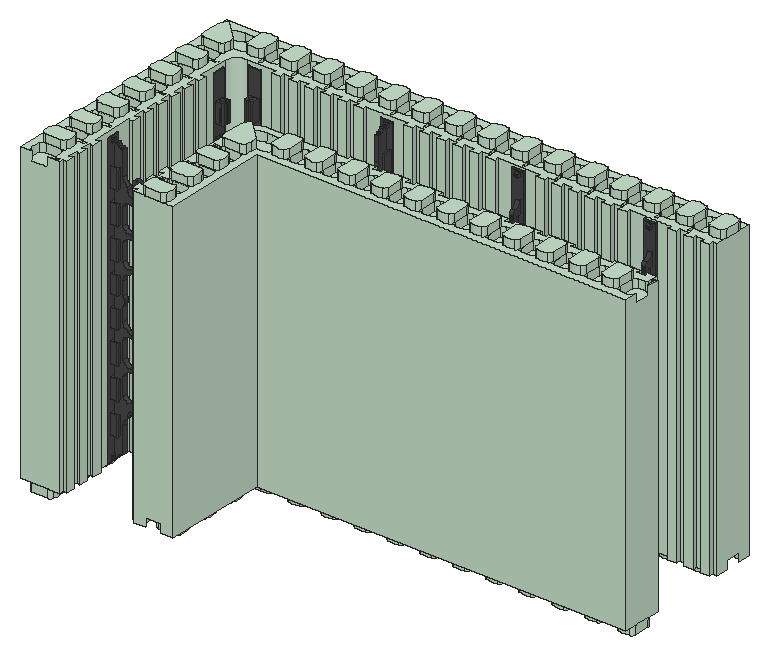
Revit family (continued)
Definition of nested family "4-inch Web"
  Forms (mm)
    Extrusion 1, solid, material "Polypropylene"
      sketch origin (0, -50.8, -12.7) x (0, 1, 0) y (0, 0, 1)
        loop
          arc (7.874, 321.657) -> (7.409, 322.78) -> (6.287, 323.245) r 1.588
          line (6.287, 323.245) -> (5.08, 323.245) -> (5.08, 325.024) -> (7.761, 325.024)
          arc (7.761, 325.024) -> (12.864, 324.793) -> (17.819, 323.545) r 25.4
          arc (17.819, 323.545) -> (20.094, 324.015) -> (20.782, 326.235) r 2.286
          arc (20.782, 326.235) -> (31.891, 334.895) -> (31.198, 320.827) r 7.747
          arc (31.198, 320.827) -> (28.086, 313.563) -> (35.35, 310.451) r 5.588
          arc (35.35, 310.451) -> (41.403, 314.347) -> (45.563, 320.223) r 18.923
          arc (45.563, 320.223) -> (47.683, 322.701) -> (50.8, 323.658) r 5.842
          arc (50.8, 323.658) -> (53.917, 322.701) -> (56.037, 320.223) r 5.842
          arc (56.037, 320.223) -> (60.197, 314.347) -> (66.25, 310.451) r 18.923
          arc (66.25, 310.451) -> (73.514, 313.563) -> (70.402, 320.827) r 5.588
          arc (70.402, 320.827) -> (69.709, 334.895) -> (80.818, 326.235) r 7.747
          arc (80.818, 326.235) -> (81.506, 324.015) -> (83.781, 323.545) r 2.286
          arc (83.781, 323.545) -> (88.736, 324.793) -> (93.839, 325.024) r 25.4
          line (93.839, 325.024) -> (96.52, 325.024) -> (96.52, 323.245) -> (95.313, 323.245)
          arc (95.313, 323.245) -> (94.191, 322.78) -> (93.726, 321.657) r 1.588
          line (93.726, 321.657) -> (93.726, 319.943)
          arc (93.726, 319.943) -> (94.891, 316.277) -> (97.959, 313.956) r 6.35
          arc (97.959, 313.956) -> (101.245, 312.217) -> (103.886, 309.602) r 12.7
          line (103.886, 309.602) -> (106.299, 309.602) -> (106.299, 324.832)
          arc (106.299, 324.832) -> (105.834, 323.71) -> (104.712, 323.245) r 1.588
          line (104.712, 323.245) -> (98.806, 323.245) -> (98.806, 325.024) -> (101.473, 325.024) -> (101.473, 337.723) -> (98.806, 337.723) -> (98.806, 339.501) -> (104.712, 339.501)
          arc (104.712, 339.501) -> (105.834, 339.036) -> (106.299, 337.913) r 1.587
          line (106.299, 337.913) -> (106.299, 357.852)
          arc (106.299, 357.852) -> (105.834, 356.73) -> (104.712, 356.265) r 1.587
          line (104.712, 356.265) -> (98.806, 356.265) -> (98.806, 358.043) -> (101.473, 358.043) -> (101.473, 370.743) -> (98.806, 370.743) -> (98.806, 372.521) -> (104.712, 372.521)
          arc (104.712, 372.521) -> (105.834, 372.056) -> (106.299, 370.933) r 1.587
          line (106.299, 370.933) -> (106.299, 390.872)
          arc (106.299, 390.872) -> (105.834, 389.75) -> (104.712, 389.285) r 1.587
          line (104.712, 389.285) -> (98.806, 389.285) -> (98.806, 391.063) -> (101.473, 391.063)
        loop
          line (93.853, 370.743) -> (96.52, 370.743) -> (96.52, 372.521) -> (95.313, 372.521)
          arc (95.313, 372.521) -> (94.191, 372.986) -> (93.726, 374.108) r 1.588
          line (93.726, 374.108) -> (93.726, 387.697)
          arc (93.726, 387.697) -> (94.191, 388.82) -> (95.313, 389.285) r 1.588
          line (95.313, 389.285) -> (96.52, 389.285) -> (96.52, 391.063) -> (93.853, 391.063)
          arc (93.853, 391.063) -> (82.25, 388.394) -> (71.166, 384.049) r 80.787
          line (71.166, 384.049) -> (58.568, 377.745)
          arc (58.568, 377.745) -> (55.497, 371.178) -> (61.183, 366.679) r 5.842
          line (61.183, 366.679) -> (75.826, 366.679)
          arc (75.826, 366.679) -> (83.687, 367.598) -> (91.221, 370.023) r 40.64
          arc (91.221, 370.023) -> (92.492, 370.547) -> (93.853, 370.743) r 5.556
        loop
          line (93.853, 337.723) -> (96.52, 337.723) -> (96.52, 339.501) -> (95.313, 339.501)
          arc (95.313, 339.501) -> (94.191, 339.966) -> (93.726, 341.088) r 1.588
          line (93.726, 341.088) -> (93.726, 354.677)
          arc (93.726, 354.677) -> (94.191, 355.8) -> (95.313, 356.265) r 1.588
          line (95.313, 356.265) -> (96.52, 356.265) -> (96.52, 358.043) -> (93.853, 358.043)
          arc (93.853, 358.043) -> (92.492, 358.239) -> (91.221, 358.762) r 5.556
          arc (91.221, 358.762) -> (83.687, 361.188) -> (75.826, 362.107) r 40.64
          line (75.826, 362.107) -> (61.183, 362.107)
          arc (61.183, 362.107) -> (55.497, 357.608) -> (58.568, 351.04) r 5.842
          line (58.568, 351.04) -> (71.166, 344.737)
          arc (71.166, 344.737) -> (82.25, 340.392) -> (93.853, 337.723) r 80.787
        loop
          line (106.299, 457.58) -> (106.299, 463.9)
          arc (106.299, 463.9) -> (106.194, 463.513) -> (105.907, 463.233) r 0.762
          line (105.907, 463.233) -> (101.611, 460.847)
          arc (101.611, 460.847) -> (101.324, 460.567) -> (101.219, 460.181) r 0.762
          line (101.219, 460.181) -> (101.219, 458.372)
          arc (101.219, 458.372) -> (101.378, 458.003) -> (101.755, 457.865) r 0.508
          line (101.755, 457.865) -> (105.763, 458.087)
          arc (105.763, 458.087) -> (106.14, 457.949) -> (106.299, 457.58) r 0.508
        loop
          arc (-4.699, 457.58) -> (-4.54, 457.949) -> (-4.163, 458.087) r 0.508
          line (-4.163, 458.087) -> (-0.155, 457.865)
          arc (-0.155, 457.865) -> (0.222, 458.003) -> (0.381, 458.372) r 0.508
          line (0.381, 458.372) -> (0.381, 460.181)
          arc (0.381, 460.181) -> (0.276, 460.567) -> (-0.011, 460.847) r 0.762
          line (-0.011, 460.847) -> (-4.307, 463.233)
          arc (-4.307, 463.233) -> (-4.594, 463.513) -> (-4.699, 463.9) r 0.762
          line (-4.699, 463.9) -> (-4.699, 457.58)
        loop
          arc (7.747, 370.743) -> (9.108, 370.547) -> (10.379, 370.023) r 5.556
          arc (10.379, 370.023) -> (17.913, 367.598) -> (25.774, 366.679) r 40.64
          line (25.774, 366.679) -> (40.417, 366.679)
          arc (40.417, 366.679) -> (46.103, 371.178) -> (43.032, 377.745) r 5.842
          line (43.032, 377.745) -> (30.434, 384.049)
          arc (30.434, 384.049) -> (19.35, 388.394) -> (7.747, 391.063) r 80.787
          line (7.747, 391.063) -> (5.08, 391.063) -> (5.08, 389.285) -> (6.287, 389.285)
          arc (6.287, 389.285) -> (7.409, 388.82) -> (7.874, 387.697) r 1.588
          line (7.874, 387.697) -> (7.874, 374.108)
          arc (7.874, 374.108) -> (7.409, 372.986) -> (6.287, 372.521) r 1.588
          line (6.287, 372.521) -> (5.08, 372.521) -> (5.08, 370.743) -> (7.747, 370.743)
        loop
          arc (7.747, 337.723) -> (19.35, 340.392) -> (30.434, 344.737) r 80.787
          line (30.434, 344.737) -> (43.032, 351.04)
          arc (43.032, 351.04) -> (46.103, 357.608) -> (40.417, 362.107) r 5.842
          line (40.417, 362.107) -> (25.774, 362.107)
          arc (25.774, 362.107) -> (17.913, 361.188) -> (10.379, 358.762) r 40.64
          arc (10.379, 358.762) -> (9.108, 358.239) -> (7.747, 358.043) r 5.556
          line (7.747, 358.043) -> (5.08, 358.043) -> (5.08, 356.265) -> (6.287, 356.265)
          arc (6.287, 356.265) -> (7.409, 355.8) -> (7.874, 354.677) r 1.588
          line (7.874, 354.677) -> (7.874, 341.088)
          arc (7.874, 341.088) -> (7.409, 339.966) -> (6.287, 339.501) r 1.588
          line (6.287, 339.501) -> (5.08, 339.501) -> (5.08, 337.723) -> (7.747, 337.723)
        loop
          line (101.473, 91.537) -> (98.806, 91.537) -> (98.806, 93.315) -> (104.712, 93.315)
          arc (104.712, 93.315) -> (105.834, 92.85) -> (106.299, 91.728) r 1.587
          line (106.299, 91.728) -> (106.299, 111.667)
          arc (106.299, 111.667) -> (105.834, 110.544) -> (104.712, 110.079) r 1.587
          line (104.712, 110.079) -> (98.806, 110.079) -> (98.806, 111.857) -> (101.473, 111.857) -> (101.473, 124.557) -> (98.806, 124.557) -> (98.806, 126.335) -> (104.712, 126.335)
          arc (104.712, 126.335) -> (105.834, 125.87) -> (106.299, 124.748) r 1.587
          line (106.299, 124.748) -> (106.299, 144.687)
          arc (106.299, 144.687) -> (105.834, 143.564) -> (104.712, 143.099) r 1.587
          line (104.712, 143.099) -> (98.806, 143.099) -> (98.806, 144.877) -> (101.473, 144.877) -> (101.473, 157.576) -> (98.806, 157.576) -> (98.806, 159.355) -> (104.712, 159.355)
          arc (104.712, 159.355) -> (105.834, 158.89) -> (106.299, 157.768) r 1.588
          line (106.299, 157.768) -> (106.299, 172.998) -> (103.886, 172.998)
          arc (103.886, 172.998) -> (101.245, 170.383) -> (97.959, 168.644) r 12.7
          arc (97.959, 168.644) -> (94.891, 166.323) -> (93.726, 162.657) r 6.35
          line (93.726, 162.657) -> (93.726, 160.943)
          arc (93.726, 160.943) -> (94.191, 159.82) -> (95.313, 159.355) r 1.588
          line (95.313, 159.355) -> (96.52, 159.355) -> (96.52, 157.576) -> (93.839, 157.576)
          arc (93.839, 157.576) -> (88.736, 157.807) -> (83.781, 159.055) r 25.4
          arc (83.781, 159.055) -> (81.506, 158.585) -> (80.818, 156.365) r 2.286
          arc (80.818, 156.365) -> (69.709, 147.705) -> (70.402, 161.773) r 7.747
          arc (70.402, 161.773) -> (73.514, 169.037) -> (66.25, 172.149) r 5.588
          arc (66.25, 172.149) -> (60.197, 168.253) -> (56.037, 162.377) r 18.923
          arc (56.037, 162.377) -> (53.917, 159.899) -> (50.8, 158.942) r 5.842
          arc (50.8, 158.942) -> (47.683, 159.899) -> (45.563, 162.377) r 5.842
          arc (45.563, 162.377) -> (41.403, 168.253) -> (35.35, 172.149) r 18.923
          arc (35.35, 172.149) -> (28.086, 169.037) -> (31.198, 161.773) r 5.588
          arc (31.198, 161.773) -> (31.891, 147.705) -> (20.782, 156.365) r 7.747
          arc (20.782, 156.365) -> (20.094, 158.585) -> (17.819, 159.055) r 2.286
          arc (17.819, 159.055) -> (12.864, 157.807) -> (7.761, 157.576) r 25.4
          line (7.761, 157.576) -> (5.08, 157.576) -> (5.08, 159.355) -> (6.287, 159.355)
          arc (6.287, 159.355) -> (7.409, 159.82) -> (7.874, 160.943) r 1.588
          line (7.874, 160.943) -> (7.874, 162.657)
          arc (7.874, 162.657) -> (6.709, 166.323) -> (3.641, 168.644) r 6.35
          arc (3.641, 168.644) -> (0.355, 170.383) -> (-2.286, 172.998) r 12.7
          line (-2.286, 172.998) -> (-4.699, 172.998) -> (-4.699, 157.768)
          arc (-4.699, 157.768) -> (-4.234, 158.89) -> (-3.112, 159.355) r 1.588
          line (-3.112, 159.355) -> (2.794, 159.355) -> (2.794, 157.576) -> (0.127, 157.576) -> (0.127, 144.877) -> (2.794, 144.877) -> (2.794, 143.099) -> (-3.112, 143.099)
          arc (-3.112, 143.099) -> (-4.234, 143.564) -> (-4.699, 144.687) r 1.587
          line (-4.699, 144.687) -> (-4.699, 124.748)
          arc (-4.699, 124.748) -> (-4.234, 125.87) -> (-3.112, 126.335) r 1.587
          line (-3.112, 126.335) -> (2.794, 126.335) -> (2.794, 124.557) -> (0.127, 124.557) -> (0.127, 111.857) -> (2.794, 111.857) -> (2.794, 110.079) -> (-3.112, 110.079)
          arc (-3.112, 110.079) -> (-4.234, 110.544) -> (-4.699, 111.667) r 1.587
          line (-4.699, 111.667) -> (-4.699, 91.728)
          arc (-4.699, 91.728) -> (-4.234, 92.85) -> (-3.112, 93.315) r 1.587
          line (-3.112, 93.315) -> (2.794, 93.315) -> (2.794, 91.537) -> (0.127, 91.537) -> (0.127, 78.838) -> (2.794, 78.838) -> (2.794, 77.059) -> (-3.894, 77.059)
          arc (-3.894, 77.059) -> (-4.311, 77.115) -> (-4.699, 77.278) r 1.587
          line (-4.699, 77.278) -> (-4.699, 57.588)
          arc (-4.699, 57.588) -> (-1.951, 63.844) -> (3.641, 67.77) r 12.7
          arc (3.641, 67.77) -> (6.709, 70.091) -> (7.874, 73.757) r 6.35
          line (7.874, 73.757) -> (7.874, 75.472)
          arc (7.874, 75.472) -> (7.409, 76.594) -> (6.287, 77.059) r 1.588
          line (6.287, 77.059) -> (5.08, 77.059) -> (5.08, 78.838) -> (7.761, 78.838)
          arc (7.761, 78.838) -> (12.864, 78.607) -> (17.819, 77.359) r 25.4
          arc (17.819, 77.359) -> (20.094, 77.83) -> (20.782, 80.049) r 2.286
          arc (20.782, 80.049) -> (31.891, 88.71) -> (31.198, 74.641) r 7.747
          arc (31.198, 74.641) -> (28.086, 67.378) -> (35.35, 64.265) r 5.588
          arc (35.35, 64.265) -> (41.403, 68.162) -> (45.563, 74.038) r 18.923
          arc (45.563, 74.038) -> (47.683, 76.516) -> (50.8, 77.472) r 5.842
          arc (50.8, 77.472) -> (53.917, 76.516) -> (56.037, 74.038) r 5.842
          arc (56.037, 74.038) -> (60.197, 68.162) -> (66.25, 64.265) r 18.923
          arc (66.25, 64.265) -> (73.514, 67.378) -> (70.402, 74.641) r 5.588
          arc (70.402, 74.641) -> (69.709, 88.71) -> (80.818, 80.049) r 7.747
          arc (80.818, 80.049) -> (81.506, 77.83) -> (83.781, 77.359) r 2.286
          arc (83.781, 77.359) -> (88.736, 78.607) -> (93.839, 78.838) r 25.4
          line (93.839, 78.838) -> (96.52, 78.838) -> (96.52, 77.059) -> (95.313, 77.059)
          arc (95.313, 77.059) -> (94.191, 76.594) -> (93.726, 75.472) r 1.588
          line (93.726, 75.472) -> (93.726, 73.757)
          arc (93.726, 73.757) -> (94.891, 70.091) -> (97.959, 67.77) r 6.35
          arc (97.959, 67.77) -> (103.551, 63.844) -> (106.299, 57.588) r 12.7
          line (106.299, 57.588) -> (106.299, 77.278)
          arc (106.299, 77.278) -> (105.911, 77.115) -> (105.494, 77.059) r 1.587
          line (105.494, 77.059) -> (98.806, 77.059) -> (98.806, 78.838) -> (101.473, 78.838) -> (101.473, 91.537)
        loop
          arc (93.853, 111.857) -> (92.492, 112.053) -> (91.221, 112.577) r 5.556
          arc (91.221, 112.577) -> (83.687, 115.002) -> (75.826, 115.921) r 40.64
          line (75.826, 115.921) -> (61.183, 115.921)
          arc (61.183, 115.921) -> (55.497, 111.422) -> (58.568, 104.855) r 5.842
          line (58.568, 104.855) -> (71.166, 98.551)
          arc (71.166, 98.551) -> (82.25, 94.206) -> (93.853, 91.537) r 80.787
          line (93.853, 91.537) -> (96.52, 91.537) -> (96.52, 93.315) -> (95.313, 93.315)
          arc (95.313, 93.315) -> (94.191, 93.78) -> (93.726, 94.903) r 1.588
          line (93.726, 94.903) -> (93.726, 108.492)
          arc (93.726, 108.492) -> (94.191, 109.614) -> (95.313, 110.079) r 1.588
          line (95.313, 110.079) -> (96.52, 110.079) -> (96.52, 111.857) -> (93.853, 111.857)
        loop
          arc (93.853, 144.877) -> (82.25, 142.208) -> (71.166, 137.863) r 80.787
          line (71.166, 137.863) -> (58.568, 131.56)
          arc (58.568, 131.56) -> (55.497, 124.992) -> (61.183, 120.493) r 5.842
          line (61.183, 120.493) -> (75.826, 120.493)
          arc (75.826, 120.493) -> (83.687, 121.412) -> (91.221, 123.838) r 40.64
          arc (91.221, 123.838) -> (92.492, 124.361) -> (93.853, 124.557) r 5.556
          line (93.853, 124.557) -> (96.52, 124.557) -> (96.52, 126.335) -> (95.313, 126.335)
          arc (95.313, 126.335) -> (94.191, 126.8) -> (93.726, 127.923) r 1.588
          line (93.726, 127.923) -> (93.726, 141.512)
          arc (93.726, 141.512) -> (94.191, 142.634) -> (95.313, 143.099) r 1.588
          line (95.313, 143.099) -> (96.52, 143.099) -> (96.52, 144.877) -> (93.853, 144.877)
        loop
          line (7.747, 111.857) -> (5.08, 111.857) -> (5.08, 110.079) -> (6.287, 110.079)
          arc (6.287, 110.079) -> (7.409, 109.614) -> (7.874, 108.492) r 1.588
          line (7.874, 108.492) -> (7.874, 94.903)
          arc (7.874, 94.903) -> (7.409, 93.78) -> (6.287, 93.315) r 1.588
          line (6.287, 93.315) -> (5.08, 93.315) -> (5.08, 91.537) -> (7.747, 91.537)
          arc (7.747, 91.537) -> (19.35, 94.206) -> (30.434, 98.551) r 80.787
          line (30.434, 98.551) -> (43.032, 104.855)
          arc (43.032, 104.855) -> (46.103, 111.422) -> (40.417, 115.921) r 5.842
          line (40.417, 115.921) -> (25.774, 115.921)
          arc (25.774, 115.921) -> (17.913, 115.002) -> (10.379, 112.577) r 40.64
          arc (10.379, 112.577) -> (9.108, 112.053) -> (7.747, 111.857) r 5.556
        loop
          line (7.747, 144.877) -> (5.08, 144.877) -> (5.08, 143.099) -> (6.287, 143.099)
          arc (6.287, 143.099) -> (7.409, 142.634) -> (7.874, 141.512) r 1.588
          line (7.874, 141.512) -> (7.874, 127.923)
          arc (7.874, 127.923) -> (7.409, 126.8) -> (6.287, 126.335) r 1.588
          line (6.287, 126.335) -> (5.08, 126.335) -> (5.08, 124.557) -> (7.747, 124.557)
          arc (7.747, 124.557) -> (9.108, 124.361) -> (10.379, 123.838) r 5.556
          arc (10.379, 123.838) -> (17.913, 121.412) -> (25.774, 120.493) r 40.64
          line (25.774, 120.493) -> (40.417, 120.493)
          arc (40.417, 120.493) -> (46.103, 124.992) -> (43.032, 131.56) r 5.842
          line (43.032, 131.56) -> (30.434, 137.863)
          arc (30.434, 137.863) -> (19.35, 142.208) -> (7.747, 144.877) r 80.787
      from -3.175 to 3.175
    Extrusion 2, solid, material "Polypropylene"
      sketch origin (0, 0, 0) x (0, 1, 0) y (0, 0, 1)
        loop
          line (55.499, 452.438) -> (55.499, 4.762)
          arc (55.499, 4.762) -> (55.987, 3.618) -> (57.15, 3.176) r 1.588
          arc (57.15, 3.176) -> (58.313, 3.618) -> (58.801, 4.762) r 1.588
          line (58.801, 4.762) -> (58.801, 452.437)
          arc (58.801, 452.437) -> (58.313, 453.582) -> (57.15, 454.024) r 1.588
          arc (57.15, 454.024) -> (55.987, 453.582) -> (55.499, 452.438) r 1.588
        loop
          arc (-55.499, 452.438) -> (-55.987, 453.582) -> (-57.15, 454.024) r 1.588
          arc (-57.15, 454.024) -> (-58.313, 453.582) -> (-58.801, 452.437) r 1.588
          line (-58.801, 452.437) -> (-58.801, 4.762)
          arc (-58.801, 4.762) -> (-58.313, 3.618) -> (-57.15, 3.176) r 1.588
          arc (-57.15, 3.176) -> (-55.987, 3.618) -> (-55.499, 4.762) r 1.588
          line (-55.499, 4.762) -> (-55.499, 452.438)
      from -9.227 to 9.227
Definition of nested family "NUDURA Diamond Pattern"
  Reference planes
    plane 1 "Center (Front/Back)": y = 0
    plane 2: z = 0
    plane 3 "Center (Left/Right)": x = 0
    plane 4: z = 457.2
  Lines and regions (mm)
    model lines
      curve 1: line (203.2, -142.875, 457.2) -> (203.2, -142.875, 0)
      curve 2: line (152.4, -142.875, 457.2) -> (152.4, -142.875, 0)
      curve 3: line (50.8, -142.875, 457.2) -> (50.8, -142.875, 0)
      curve 4: line (85.183, -142.875, 431.415) -> (93.906, -142.875, 422.692)
      curve 5: arc (85.183, -142.875, 444.885) -> (82.394, -142.875, 438.15) -> (85.183, -142.875, 431.415) r 9.525
      curve 6: line (94.708, -142.875, 454.41) -> (85.183, -142.875, 444.885)
      curve 7: arc (108.179, -142.875, 454.41) -> (101.444, -142.875, 457.2) -> (94.708, -142.875, 454.41) r 9.525
      curve 8: line (117.704, -142.875, 444.885) -> (108.179, -142.875, 454.41)
      curve 9: arc (117.704, -142.875, 431.415) -> (120.494, -142.875, 438.15) -> (117.704, -142.875, 444.885) r 9.525
      curve 10: line (108.981, -142.875, 422.692) -> (117.704, -142.875, 431.415)
      curve 11: arc (105.934, -142.875, 452.165) -> (101.444, -142.875, 454.025) -> (96.953, -142.875, 452.165) r 6.35
      curve 12: line (115.459, -142.875, 442.64) -> (105.934, -142.875, 452.165)
      curve 13: arc (115.459, -142.875, 433.66) -> (117.319, -142.875, 438.15) -> (115.459, -142.875, 442.64) r 6.35
      curve 14: line (105.934, -142.875, 424.135) -> (115.459, -142.875, 433.66)
      curve 15: arc (96.953, -142.875, 424.135) -> (101.444, -142.875, 422.275) -> (105.934, -142.875, 424.135) r 6.35
      curve 16: line (87.428, -142.875, 433.66) -> (96.953, -142.875, 424.135)
      curve 17: arc (87.428, -142.875, 442.64) -> (85.569, -142.875, 438.15) -> (87.428, -142.875, 433.66) r 6.35
      curve 18: line (96.953, -142.875, 452.165) -> (87.428, -142.875, 442.64)
      curve 19: arc (93.906, -142.875, 415.508) -> (95.394, -142.875, 419.1) -> (93.906, -142.875, 422.692) r 5.08
      curve 20: line (117.704, -142.875, 406.785) -> (108.981, -142.875, 415.508)
      curve 21: arc (117.704, -142.875, 393.315) -> (120.494, -142.875, 400.05) -> (117.704, -142.875, 406.785) r 9.525
      curve 22: line (108.981, -142.875, 384.592) -> (117.704, -142.875, 393.315)
      curve 23: line (85.183, -142.875, 393.315) -> (93.906, -142.875, 384.592)
      curve 24: arc (85.183, -142.875, 406.785) -> (82.394, -142.875, 400.05) -> (85.183, -142.875, 393.315) r 9.525
      curve 25: line (93.906, -142.875, 415.508) -> (85.183, -142.875, 406.785)
      curve 26: arc (105.934, -142.875, 414.065) -> (101.444, -142.875, 415.925) -> (96.953, -142.875, 414.065) r 6.35
      curve 27: line (96.953, -142.875, 414.065) -> (87.428, -142.875, 404.54)
      curve 28: arc (87.428, -142.875, 404.54) -> (85.569, -142.875, 400.05) -> (87.428, -142.875, 395.56) r 6.35
      curve 29: line (87.428, -142.875, 395.56) -> (96.953, -142.875, 386.035)
      curve 30: arc (96.953, -142.875, 386.035) -> (101.444, -142.875, 384.175) -> (105.934, -142.875, 386.035) r 6.35
      curve 31: line (105.934, -142.875, 386.035) -> (115.459, -142.875, 395.56)
      curve 32: arc (115.459, -142.875, 395.56) -> (117.319, -142.875, 400.05) -> (115.459, -142.875, 404.54) r 6.35
      curve 33: line (115.459, -142.875, 404.54) -> (105.934, -142.875, 414.065)
      curve 34: arc (93.906, -142.875, 377.408) -> (95.394, -142.875, 381) -> (93.906, -142.875, 384.592) r 5.08
      curve 35: line (117.704, -142.875, 368.685) -> (108.981, -142.875, 377.408)
      curve 36: arc (117.704, -142.875, 355.215) -> (120.494, -142.875, 361.95) -> (117.704, -142.875, 368.685) r 9.525
      curve 37: line (108.981, -142.875, 346.492) -> (117.704, -142.875, 355.215)
      curve 38: line (85.183, -142.875, 355.215) -> (93.906, -142.875, 346.492)
      curve 39: arc (85.183, -142.875, 368.685) -> (82.394, -142.875, 361.95) -> (85.183, -142.875, 355.215) r 9.525
      curve 40: line (93.906, -142.875, 377.408) -> (85.183, -142.875, 368.685)
      curve 41: arc (105.934, -142.875, 375.965) -> (101.444, -142.875, 377.825) -> (96.953, -142.875, 375.965) r 6.35
      curve 42: line (96.953, -142.875, 375.965) -> (87.428, -142.875, 366.44)
      curve 43: arc (87.428, -142.875, 366.44) -> (85.569, -142.875, 361.95) -> (87.428, -142.875, 357.46) r 6.35
      curve 44: line (87.428, -142.875, 357.46) -> (96.953, -142.875, 347.935)
      curve 45: arc (96.953, -142.875, 347.935) -> (101.444, -142.875, 346.075) -> (105.934, -142.875, 347.935) r 6.35
      curve 46: line (105.934, -142.875, 347.935) -> (115.459, -142.875, 357.46)
      curve 47: arc (115.459, -142.875, 357.46) -> (117.319, -142.875, 361.95) -> (115.459, -142.875, 366.44) r 6.35
      curve 48: line (115.459, -142.875, 366.44) -> (105.934, -142.875, 375.965)
      curve 49: arc (93.906, -142.875, 339.308) -> (95.394, -142.875, 342.9) -> (93.906, -142.875, 346.492) r 5.08
      curve 50: line (117.704, -142.875, 330.585) -> (108.981, -142.875, 339.308)
      curve 51: arc (117.704, -142.875, 317.115) -> (120.494, -142.875, 323.85) -> (117.704, -142.875, 330.585) r 9.525
      curve 52: line (108.981, -142.875, 308.392) -> (117.704, -142.875, 317.115)
      curve 53: line (85.183, -142.875, 317.115) -> (93.906, -142.875, 308.392)
      curve 54: arc (85.183, -142.875, 330.585) -> (82.394, -142.875, 323.85) -> (85.183, -142.875, 317.115) r 9.525
      curve 55: line (93.906, -142.875, 339.308) -> (85.183, -142.875, 330.585)
      curve 56: arc (105.934, -142.875, 337.865) -> (101.444, -142.875, 339.725) -> (96.953, -142.875, 337.865) r 6.35
      curve 57: line (96.953, -142.875, 337.865) -> (87.428, -142.875, 328.34)
      curve 58: arc (87.428, -142.875, 328.34) -> (85.569, -142.875, 323.85) -> (87.428, -142.875, 319.36) r 6.35
      curve 59: line (87.428, -142.875, 319.36) -> (96.953, -142.875, 309.835)
      curve 60: arc (96.953, -142.875, 309.835) -> (101.444, -142.875, 307.975) -> (105.934, -142.875, 309.835) r 6.35
      curve 61: line (105.934, -142.875, 309.835) -> (115.459, -142.875, 319.36)
      curve 62: arc (115.459, -142.875, 319.36) -> (117.319, -142.875, 323.85) -> (115.459, -142.875, 328.34) r 6.35
      curve 63: line (115.459, -142.875, 328.34) -> (105.934, -142.875, 337.865)
      curve 64: arc (93.906, -142.875, 301.208) -> (95.394, -142.875, 304.8) -> (93.906, -142.875, 308.392) r 5.08
      curve 65: line (117.704, -142.875, 292.485) -> (108.981, -142.875, 301.208)
      curve 66: arc (117.704, -142.875, 279.015) -> (120.494, -142.875, 285.75) -> (117.704, -142.875, 292.485) r 9.525
      curve 67: line (108.981, -142.875, 270.292) -> (117.704, -142.875, 279.015)
      curve 68: line (85.183, -142.875, 279.015) -> (93.906, -142.875, 270.292)
      curve 69: arc (85.183, -142.875, 292.485) -> (82.394, -142.875, 285.75) -> (85.183, -142.875, 279.015) r 9.525
      curve 70: line (93.906, -142.875, 301.208) -> (85.183, -142.875, 292.485)
      curve 71: arc (105.934, -142.875, 299.765) -> (101.444, -142.875, 301.625) -> (96.953, -142.875, 299.765) r 6.35
      curve 72: line (96.953, -142.875, 299.765) -> (87.428, -142.875, 290.24)
      curve 73: arc (87.428, -142.875, 290.24) -> (85.569, -142.875, 285.75) -> (87.428, -142.875, 281.26) r 6.35
      curve 74: line (87.428, -142.875, 281.26) -> (96.953, -142.875, 271.735)
      curve 75: arc (96.953, -142.875, 271.735) -> (101.444, -142.875, 269.875) -> (105.934, -142.875, 271.735) r 6.35
      curve 76: line (105.934, -142.875, 271.735) -> (115.459, -142.875, 281.26)
      curve 77: arc (115.459, -142.875, 281.26) -> (117.319, -142.875, 285.75) -> (115.459, -142.875, 290.24) r 6.35
      curve 78: line (115.459, -142.875, 290.24) -> (105.934, -142.875, 299.765)
      curve 79: arc (93.906, -142.875, 263.108) -> (95.394, -142.875, 266.7) -> (93.906, -142.875, 270.292) r 5.08
      curve 80: line (117.704, -142.875, 254.385) -> (108.981, -142.875, 263.108)
      curve 81: arc (117.704, -142.875, 240.915) -> (120.494, -142.875, 247.65) -> (117.704, -142.875, 254.385) r 9.525
      curve 82: line (108.981, -142.875, 232.192) -> (117.704, -142.875, 240.915)
      curve 83: line (85.183, -142.875, 240.915) -> (93.906, -142.875, 232.192)
      curve 84: arc (85.183, -142.875, 254.385) -> (82.394, -142.875, 247.65) -> (85.183, -142.875, 240.915) r 9.525
      curve 85: line (93.906, -142.875, 263.108) -> (85.183, -142.875, 254.385)
      curve 86: arc (105.934, -142.875, 261.665) -> (101.444, -142.875, 263.525) -> (96.953, -142.875, 261.665) r 6.35
      curve 87: line (96.953, -142.875, 261.665) -> (87.428, -142.875, 252.14)
      curve 88: arc (87.428, -142.875, 252.14) -> (85.569, -142.875, 247.65) -> (87.428, -142.875, 243.16) r 6.35
      curve 89: line (87.428, -142.875, 243.16) -> (96.953, -142.875, 233.635)
      curve 90: arc (96.953, -142.875, 233.635) -> (101.444, -142.875, 231.775) -> (105.934, -142.875, 233.635) r 6.35
      curve 91: line (105.934, -142.875, 233.635) -> (115.459, -142.875, 243.16)
      curve 92: arc (115.459, -142.875, 243.16) -> (117.319, -142.875, 247.65) -> (115.459, -142.875, 252.14) r 6.35
      curve 93: line (115.459, -142.875, 252.14) -> (105.934, -142.875, 261.665)
      curve 94: arc (93.906, -142.875, 225.008) -> (95.394, -142.875, 228.6) -> (93.906, -142.875, 232.192) r 5.08
      curve 95: line (117.704, -142.875, 216.285) -> (108.981, -142.875, 225.008)
      curve 96: arc (117.704, -142.875, 202.815) -> (120.494, -142.875, 209.55) -> (117.704, -142.875, 216.285) r 9.525
      curve 97: line (108.981, -142.875, 194.092) -> (117.704, -142.875, 202.815)
      curve 98: line (85.183, -142.875, 202.815) -> (93.906, -142.875, 194.092)
      curve 99: arc (85.183, -142.875, 216.285) -> (82.394, -142.875, 209.55) -> (85.183, -142.875, 202.815) r 9.525
      curve 100: line (93.906, -142.875, 225.008) -> (85.183, -142.875, 216.285)
      curve 101: arc (105.934, -142.875, 223.565) -> (101.444, -142.875, 225.425) -> (96.953, -142.875, 223.565) r 6.35
      curve 102: line (96.953, -142.875, 223.565) -> (87.428, -142.875, 214.04)
      curve 103: arc (87.428, -142.875, 214.04) -> (85.569, -142.875, 209.55) -> (87.428, -142.875, 205.06) r 6.35
      curve 104: line (87.428, -142.875, 205.06) -> (96.953, -142.875, 195.535)
      curve 105: arc (96.953, -142.875, 195.535) -> (101.444, -142.875, 193.675) -> (105.934, -142.875, 195.535) r 6.35
      curve 106: line (105.934, -142.875, 195.535) -> (115.459, -142.875, 205.06)
      curve 107: arc (115.459, -142.875, 205.06) -> (117.319, -142.875, 209.55) -> (115.459, -142.875, 214.04) r 6.35
      curve 108: line (115.459, -142.875, 214.04) -> (105.934, -142.875, 223.565)
      curve 109: arc (93.906, -142.875, 186.908) -> (95.394, -142.875, 190.5) -> (93.906, -142.875, 194.092) r 5.08
      curve 110: line (117.704, -142.875, 178.185) -> (108.981, -142.875, 186.908)
      curve 111: arc (117.704, -142.875, 164.715) -> (120.494, -142.875, 171.45) -> (117.704, -142.875, 178.185) r 9.525
      curve 112: line (108.981, -142.875, 155.992) -> (117.704, -142.875, 164.715)
      curve 113: line (85.183, -142.875, 164.715) -> (93.906, -142.875, 155.992)
      curve 114: arc (85.183, -142.875, 178.185) -> (82.394, -142.875, 171.45) -> (85.183, -142.875, 164.715) r 9.525
      curve 115: line (93.906, -142.875, 186.908) -> (85.183, -142.875, 178.185)
      curve 116: arc (105.934, -142.875, 185.465) -> (101.444, -142.875, 187.325) -> (96.953, -142.875, 185.465) r 6.35
      curve 117: line (96.953, -142.875, 185.465) -> (87.428, -142.875, 175.94)
      curve 118: arc (87.428, -142.875, 175.94) -> (85.569, -142.875, 171.45) -> (87.428, -142.875, 166.96) r 6.35
      curve 119: line (87.428, -142.875, 166.96) -> (96.953, -142.875, 157.435)
      curve 120: arc (96.953, -142.875, 157.435) -> (101.444, -142.875, 155.575) -> (105.934, -142.875, 157.435) r 6.35
      curve 121: line (105.934, -142.875, 157.435) -> (115.459, -142.875, 166.96)
      curve 122: arc (115.459, -142.875, 166.96) -> (117.319, -142.875, 171.45) -> (115.459, -142.875, 175.94) r 6.35
      curve 123: line (115.459, -142.875, 175.94) -> (105.934, -142.875, 185.465)
      curve 124: arc (93.906, -142.875, 148.808) -> (95.394, -142.875, 152.4) -> (93.906, -142.875, 155.992) r 5.08
      curve 125: line (117.704, -142.875, 140.085) -> (108.981, -142.875, 148.808)
      curve 126: arc (117.704, -142.875, 126.615) -> (120.494, -142.875, 133.35) -> (117.704, -142.875, 140.085) r 9.525
      curve 127: line (108.981, -142.875, 117.892) -> (117.704, -142.875, 126.615)
      curve 128: line (85.183, -142.875, 126.615) -> (93.906, -142.875, 117.892)
      curve 129: arc (85.183, -142.875, 140.085) -> (82.394, -142.875, 133.35) -> (85.183, -142.875, 126.615) r 9.525
      curve 130: line (93.906, -142.875, 148.808) -> (85.183, -142.875, 140.085)
      curve 131: arc (105.934, -142.875, 147.365) -> (101.444, -142.875, 149.225) -> (96.953, -142.875, 147.365) r 6.35
      curve 132: line (96.953, -142.875, 147.365) -> (87.428, -142.875, 137.84)
      curve 133: arc (87.428, -142.875, 137.84) -> (85.569, -142.875, 133.35) -> (87.428, -142.875, 128.86) r 6.35
      curve 134: line (87.428, -142.875, 128.86) -> (96.953, -142.875, 119.335)
      curve 135: arc (96.953, -142.875, 119.335) -> (101.444, -142.875, 117.475) -> (105.934, -142.875, 119.335) r 6.35
      curve 136: line (105.934, -142.875, 119.335) -> (115.459, -142.875, 128.86)
      curve 137: arc (115.459, -142.875, 128.86) -> (117.319, -142.875, 133.35) -> (115.459, -142.875, 137.84) r 6.35
      curve 138: line (115.459, -142.875, 137.84) -> (105.934, -142.875, 147.365)
      curve 139: arc (93.906, -142.875, 110.708) -> (95.394, -142.875, 114.3) -> (93.906, -142.875, 117.892) r 5.08
      curve 140: line (117.704, -142.875, 101.985) -> (108.981, -142.875, 110.708)
      curve 141: arc (117.704, -142.875, 88.515) -> (120.494, -142.875, 95.25) -> (117.704, -142.875, 101.985) r 9.525
      curve 142: line (108.981, -142.875, 79.792) -> (117.704, -142.875, 88.515)
      curve 143: line (85.183, -142.875, 88.515) -> (93.906, -142.875, 79.792)
      curve 144: arc (85.183, -142.875, 101.985) -> (82.394, -142.875, 95.25) -> (85.183, -142.875, 88.515) r 9.525
      curve 145: line (93.906, -142.875, 110.708) -> (85.183, -142.875, 101.985)
      curve 146: arc (105.934, -142.875, 109.265) -> (101.444, -142.875, 111.125) -> (96.953, -142.875, 109.265) r 6.35
      curve 147: line (96.953, -142.875, 109.265) -> (87.428, -142.875, 99.74)
      curve 148: arc (87.428, -142.875, 99.74) -> (85.569, -142.875, 95.25) -> (87.428, -142.875, 90.76) r 6.35
      curve 149: line (87.428, -142.875, 90.76) -> (96.953, -142.875, 81.235)
      curve 150: arc (96.953, -142.875, 81.235) -> (101.444, -142.875, 79.375) -> (105.934, -142.875, 81.235) r 6.35
      curve 151: line (105.934, -142.875, 81.235) -> (115.459, -142.875, 90.76)
      curve 152: arc (115.459, -142.875, 90.76) -> (117.319, -142.875, 95.25) -> (115.459, -142.875, 99.74) r 6.35
      curve 153: line (115.459, -142.875, 99.74) -> (105.934, -142.875, 109.265)
      curve 154: arc (93.906, -142.875, 72.608) -> (95.394, -142.875, 76.2) -> (93.906, -142.875, 79.792) r 5.08
      curve 155: line (117.704, -142.875, 63.885) -> (108.981, -142.875, 72.608)
      curve 156: arc (117.704, -142.875, 50.415) -> (120.494, -142.875, 57.15) -> (117.704, -142.875, 63.885) r 9.525
      curve 157: line (108.981, -142.875, 41.692) -> (117.704, -142.875, 50.415)
      curve 158: line (85.183, -142.875, 50.415) -> (93.906, -142.875, 41.692)
      curve 159: arc (85.183, -142.875, 63.885) -> (82.394, -142.875, 57.15) -> (85.183, -142.875, 50.415) r 9.525
      curve 160: line (93.906, -142.875, 72.608) -> (85.183, -142.875, 63.885)
      curve 161: arc (105.934, -142.875, 71.165) -> (101.444, -142.875, 73.025) -> (96.953, -142.875, 71.165) r 6.35
      curve 162: line (96.953, -142.875, 71.165) -> (87.428, -142.875, 61.64)
      curve 163: arc (87.428, -142.875, 61.64) -> (85.569, -142.875, 57.15) -> (87.428, -142.875, 52.66) r 6.35
      curve 164: line (87.428, -142.875, 52.66) -> (96.953, -142.875, 43.135)
      curve 165: arc (96.953, -142.875, 43.135) -> (101.444, -142.875, 41.275) -> (105.934, -142.875, 43.135) r 6.35
      curve 166: line (105.934, -142.875, 43.135) -> (115.459, -142.875, 52.66)
      curve 167: arc (115.459, -142.875, 52.66) -> (117.319, -142.875, 57.15) -> (115.459, -142.875, 61.64) r 6.35
      curve 168: line (115.459, -142.875, 61.64) -> (105.934, -142.875, 71.165)
      curve 169: arc (93.906, -142.875, 34.508) -> (95.394, -142.875, 38.1) -> (93.906, -142.875, 41.692) r 5.08
      curve 170: line (93.906, -142.875, 34.508) -> (85.183, -142.875, 25.785)
      curve 171: arc (85.183, -142.875, 25.785) -> (82.394, -142.875, 19.05) -> (85.183, -142.875, 12.315) r 9.525
      curve 172: line (85.183, -142.875, 12.315) -> (94.708, -142.875, 2.79)
      curve 173: arc (94.708, -142.875, 2.79) -> (101.444, -142.875, 0) -> (108.179, -142.875, 2.79) r 9.525
      curve 174: line (108.179, -142.875, 2.79) -> (117.704, -142.875, 12.315)
      curve 175: arc (117.704, -142.875, 12.315) -> (120.494, -142.875, 19.05) -> (117.704, -142.875, 25.785) r 9.525
      curve 176: line (117.704, -142.875, 25.785) -> (108.981, -142.875, 34.508)
      curve 177: arc (108.981, -142.875, 41.692) -> (107.493, -142.875, 38.1) -> (108.981, -142.875, 34.508) r 5.08
      curve 178: arc (105.934, -142.875, 33.065) -> (101.444, -142.875, 34.925) -> (96.953, -142.875, 33.065) r 6.35
      curve 179: line (115.459, -142.875, 23.54) -> (105.934, -142.875, 33.065)
      curve 180: arc (115.459, -142.875, 14.56) -> (117.319, -142.875, 19.05) -> (115.459, -142.875, 23.54) r 6.35
      curve 181: line (105.934, -142.875, 5.035) -> (115.459, -142.875, 14.56)
      curve 182: arc (96.953, -142.875, 5.035) -> (101.444, -142.875, 3.175) -> (105.934, -142.875, 5.035) r 6.35
      curve 183: line (87.428, -142.875, 14.56) -> (96.953, -142.875, 5.035)
      curve 184: arc (87.428, -142.875, 23.54) -> (85.569, -142.875, 19.05) -> (87.428, -142.875, 14.56) r 6.35
      curve 185: line (96.953, -142.875, 33.065) -> (87.428, -142.875, 23.54)
      curve 186: arc (108.981, -142.875, 79.792) -> (107.493, -142.875, 76.2) -> (108.981, -142.875, 72.608) r 5.08
      curve 187: arc (108.981, -142.875, 117.892) -> (107.493, -142.875, 114.3) -> (108.981, -142.875, 110.708) r 5.08
      curve 188: arc (108.981, -142.875, 155.992) -> (107.493, -142.875, 152.4) -> (108.981, -142.875, 148.808) r 5.08
      curve 189: arc (108.981, -142.875, 194.092) -> (107.493, -142.875, 190.5) -> (108.981, -142.875, 186.908) r 5.08
      curve 190: arc (108.981, -142.875, 232.192) -> (107.493, -142.875, 228.6) -> (108.981, -142.875, 225.008) r 5.08
      curve 191: arc (108.981, -142.875, 270.292) -> (107.493, -142.875, 266.7) -> (108.981, -142.875, 263.108) r 5.08
      curve 192: arc (108.981, -142.875, 308.392) -> (107.493, -142.875, 304.8) -> (108.981, -142.875, 301.208) r 5.08
      curve 193: arc (108.981, -142.875, 346.492) -> (107.493, -142.875, 342.9) -> (108.981, -142.875, 339.308) r 5.08
      curve 194: arc (108.981, -142.875, 384.592) -> (107.493, -142.875, 381) -> (108.981, -142.875, 377.408) r 5.08
      curve 195: arc (108.981, -142.875, 422.692) -> (107.493, -142.875, 419.1) -> (108.981, -142.875, 415.508) r 5.08
Definition of nested family "NUDURA Logo Diamond"
  Reference planes
    plane 1 "Center (Front/Back)": y = 0
    plane 2: z = 0
    plane 3 "Center (Left/Right)": x = 0
  Lines and regions (mm)
    model lines
      curve 1: line (320.001, 0, 444.526) -> (311.021, 0, 453.507)
      curve 2: line (313.973, 0, 425.925) -> (320.001, 0, 431.954)
      curve 3: line (320.001, 0, 406.426) -> (313.973, 0, 412.455)
      curve 4: line (313.973, 0, 387.825) -> (320.001, 0, 393.854)
      curve 5: line (320.001, 0, 368.326) -> (313.973, 0, 374.355)
      curve 6: line (313.973, 0, 349.725) -> (320.001, 0, 355.754)
      curve 7: line (309.225, 0, 337.411) -> (322.887, 0, 323.749)
      curve 8: line (322.887, 0, 323.749) -> (324.683, 0, 325.545)
      curve 9: line (286.583, 0, 323.749) -> (300.245, 0, 337.411)
      curve 10: line (295.497, 0, 336.255) -> (284.787, 0, 325.545)
      curve 11: line (289.468, 0, 355.754) -> (295.497, 0, 349.725)
      curve 12: line (295.497, 0, 374.355) -> (289.468, 0, 368.326)
      curve 13: line (289.468, 0, 393.854) -> (295.497, 0, 387.825)
      curve 14: line (295.497, 0, 412.455) -> (289.468, 0, 406.426)
      curve 15: line (289.468, 0, 431.954) -> (295.497, 0, 425.925)
      curve 16: line (298.449, 0, 453.507) -> (289.468, 0, 444.526)
      curve 17: line (300.245, 0, 451.711) -> (291.265, 0, 442.73)
      curve 18: line (318.205, 0, 442.73) -> (309.225, 0, 451.711)
      curve 19: line (309.225, 0, 424.77) -> (318.205, 0, 433.75)
      curve 20: line (291.265, 0, 433.75) -> (300.245, 0, 424.77)
      curve 21: arc (289.468, 0, 444.526) -> (286.865, 0, 438.24) -> (289.468, 0, 431.954) r 8.89
      curve 22: arc (298.449, 0, 453.507) -> (304.735, 0, 456.111) -> (311.021, 0, 453.507) r 8.89
      curve 23: arc (291.265, 0, 442.73) -> (289.405, 0, 438.24) -> (291.265, 0, 433.75) r 6.35
      curve 24: arc (318.205, 0, 442.73) -> (320.065, 0, 438.24) -> (318.205, 0, 433.75) r 6.35
      curve 25: arc (309.225, 0, 424.77) -> (304.735, 0, 422.91) -> (300.245, 0, 424.77) r 6.35
      curve 26: arc (300.245, 0, 451.711) -> (304.735, 0, 453.571) -> (309.225, 0, 451.711) r 6.35
      curve 27: arc (320.001, 0, 444.526) -> (322.605, 0, 438.24) -> (320.001, 0, 431.954) r 8.89
      curve 28: arc (295.497, 0, 425.925) -> (298.287, 0, 419.19) -> (295.497, 0, 412.455) r 9.525
      curve 29: arc (313.973, 0, 425.925) -> (311.183, 0, 419.19) -> (313.973, 0, 412.455) r 9.525
      curve 30: line (313.973, 0, 387.825) -> (320.001, 0, 393.854)
      curve 31: line (289.468, 0, 393.854) -> (295.497, 0, 387.825)
      curve 32: line (300.245, 0, 413.611) -> (291.265, 0, 404.63)
      curve 33: line (318.205, 0, 404.63) -> (309.225, 0, 413.611)
      curve 34: line (309.225, 0, 386.67) -> (318.205, 0, 395.65)
      curve 35: line (291.265, 0, 395.65) -> (300.245, 0, 386.67)
      curve 36: arc (289.468, 0, 406.426) -> (286.865, 0, 400.14) -> (289.468, 0, 393.854) r 8.89
      curve 37: arc (291.265, 0, 404.63) -> (289.405, 0, 400.14) -> (291.265, 0, 395.65) r 6.35
      curve 38: arc (318.205, 0, 404.63) -> (320.065, 0, 400.14) -> (318.205, 0, 395.65) r 6.35
      curve 39: arc (309.225, 0, 386.67) -> (304.735, 0, 384.81) -> (300.245, 0, 386.67) r 6.35
      curve 40: arc (300.245, 0, 413.611) -> (304.735, 0, 415.471) -> (309.225, 0, 413.611) r 6.35
      curve 41: arc (320.001, 0, 406.426) -> (322.605, 0, 400.14) -> (320.001, 0, 393.854) r 8.89
      curve 42: line (295.497, 0, 412.455) -> (289.468, 0, 406.426)
      curve 43: line (320.001, 0, 406.426) -> (313.973, 0, 412.455)
      curve 44: arc (295.497, 0, 387.825) -> (298.287, 0, 381.09) -> (295.497, 0, 374.355) r 9.525
      curve 45: arc (313.973, 0, 387.825) -> (311.183, 0, 381.09) -> (313.973, 0, 374.355) r 9.525
      curve 46: line (313.973, 0, 349.725) -> (320.001, 0, 355.754)
      curve 47: line (289.468, 0, 355.754) -> (295.497, 0, 349.725)
      curve 48: line (300.245, 0, 375.511) -> (291.265, 0, 366.53)
      curve 49: line (318.205, 0, 366.53) -> (309.225, 0, 375.511)
      curve 50: line (309.225, 0, 348.57) -> (318.205, 0, 357.55)
      curve 51: line (291.265, 0, 357.55) -> (300.245, 0, 348.57)
      curve 52: arc (289.468, 0, 368.326) -> (286.865, 0, 362.04) -> (289.468, 0, 355.754) r 8.89
      curve 53: arc (291.265, 0, 366.53) -> (289.405, 0, 362.04) -> (291.265, 0, 357.55) r 6.35
      curve 54: arc (318.205, 0, 366.53) -> (320.065, 0, 362.04) -> (318.205, 0, 357.55) r 6.35
      curve 55: arc (309.225, 0, 348.57) -> (304.735, 0, 346.71) -> (300.245, 0, 348.57) r 6.35
      curve 56: arc (300.245, 0, 375.511) -> (304.735, 0, 377.371) -> (309.225, 0, 375.511) r 6.35
      curve 57: arc (320.001, 0, 368.326) -> (322.605, 0, 362.04) -> (320.001, 0, 355.754) r 8.89
      curve 58: line (295.497, 0, 374.355) -> (289.468, 0, 368.326)
      curve 59: arc (295.497, 0, 349.725) -> (298.287, 0, 342.99) -> (295.497, 0, 336.255) r 9.525
      curve 60: arc (313.973, 0, 349.725) -> (311.183, 0, 342.99) -> (313.973, 0, 336.255) r 9.525
      curve 61: line (324.683, 0, 325.545) -> (313.973, 0, 336.255)
      curve 62: line (284.787, 0, 325.545) -> (286.583, 0, 323.749)
      curve 63: arc (300.245, 0, 337.411) -> (304.735, 0, 339.271) -> (309.225, 0, 337.411) r 6.35
      curve 64: line (320.001, 0, 12.854) -> (311.021, 0, 3.874)
      curve 65: line (313.973, 0, 31.455) -> (320.001, 0, 25.426)
      curve 66: line (320.001, 0, 50.954) -> (313.973, 0, 44.925)
      curve 67: line (313.973, 0, 69.555) -> (320.001, 0, 63.526)
      curve 68: line (320.001, 0, 89.054) -> (313.973, 0, 83.025)
      curve 69: line (313.973, 0, 107.655) -> (320.001, 0, 101.626)
      curve 70: line (309.225, 0, 119.97) -> (322.887, 0, 133.632)
      curve 71: line (322.887, 0, 133.632) -> (324.683, 0, 131.836)
      curve 72: line (286.583, 0, 133.632) -> (300.245, 0, 119.97)
      curve 73: line (295.497, 0, 121.125) -> (284.787, 0, 131.836)
      curve 74: line (289.468, 0, 101.626) -> (295.497, 0, 107.655)
      curve 75: line (295.497, 0, 83.025) -> (289.468, 0, 89.054)
      curve 76: line (289.468, 0, 63.526) -> (295.497, 0, 69.555)
      curve 77: line (295.497, 0, 44.925) -> (289.468, 0, 50.954)
      curve 78: line (289.468, 0, 25.426) -> (295.497, 0, 31.455)
      curve 79: line (298.449, 0, 3.874) -> (289.468, 0, 12.854)
      curve 80: line (300.245, 0, 5.67) -> (291.265, 0, 14.65)
      curve 81: line (318.205, 0, 14.65) -> (309.225, 0, 5.67)
      curve 82: line (309.225, 0, 32.611) -> (318.205, 0, 23.63)
      curve 83: line (291.265, 0, 23.63) -> (300.245, 0, 32.611)
      curve 84: arc (289.468, 0, 12.854) -> (286.865, 0, 19.14) -> (289.468, 0, 25.426) r 8.89
      curve 85: arc (298.449, 0, 3.874) -> (304.735, 0, 1.27) -> (311.021, 0, 3.874) r 8.89
      curve 86: arc (291.265, 0, 14.65) -> (289.405, 0, 19.14) -> (291.265, 0, 23.63) r 6.35
      curve 87: arc (318.205, 0, 14.65) -> (320.065, 0, 19.14) -> (318.205, 0, 23.63) r 6.35
      curve 88: arc (309.225, 0, 32.611) -> (304.735, 0, 34.471) -> (300.245, 0, 32.611) r 6.35
      curve 89: arc (300.245, 0, 5.67) -> (304.735, 0, 3.81) -> (309.225, 0, 5.67) r 6.35
      curve 90: arc (320.001, 0, 12.854) -> (322.605, 0, 19.14) -> (320.001, 0, 25.426) r 8.89
      curve 91: arc (295.497, 0, 31.455) -> (298.287, 0, 38.19) -> (295.497, 0, 44.925) r 9.525
      curve 92: arc (313.973, 0, 31.455) -> (311.183, 0, 38.19) -> (313.973, 0, 44.925) r 9.525
      curve 93: line (313.973, 0, 69.555) -> (320.001, 0, 63.526)
      curve 94: line (289.468, 0, 63.526) -> (295.497, 0, 69.555)
      curve 95: line (300.245, 0, 43.77) -> (291.265, 0, 52.75)
      curve 96: line (318.205, 0, 52.75) -> (309.225, 0, 43.77)
      curve 97: line (309.225, 0, 70.711) -> (318.205, 0, 61.73)
      curve 98: line (291.265, 0, 61.73) -> (300.245, 0, 70.711)
      curve 99: arc (289.468, 0, 50.954) -> (286.865, 0, 57.24) -> (289.468, 0, 63.526) r 8.89
      curve 100: arc (291.265, 0, 52.75) -> (289.405, 0, 57.24) -> (291.265, 0, 61.73) r 6.35
      curve 101: arc (318.205, 0, 52.75) -> (320.065, 0, 57.24) -> (318.205, 0, 61.73) r 6.35
      curve 102: arc (309.225, 0, 70.711) -> (304.735, 0, 72.571) -> (300.245, 0, 70.711) r 6.35
      curve 103: arc (300.245, 0, 43.77) -> (304.735, 0, 41.91) -> (309.225, 0, 43.77) r 6.35
      curve 104: arc (320.001, 0, 50.954) -> (322.605, 0, 57.24) -> (320.001, 0, 63.526) r 8.89
      curve 105: line (295.497, 0, 44.925) -> (289.468, 0, 50.954)
      curve 106: line (320.001, 0, 50.954) -> (313.973, 0, 44.925)
      curve 107: arc (295.497, 0, 69.555) -> (298.287, 0, 76.29) -> (295.497, 0, 83.025) r 9.525
      curve 108: arc (313.973, 0, 69.555) -> (311.183, 0, 76.29) -> (313.973, 0, 83.025) r 9.525
      curve 109: line (313.973, 0, 107.655) -> (320.001, 0, 101.626)
      curve 110: line (289.468, 0, 101.626) -> (295.497, 0, 107.655)
      curve 111: line (300.245, 0, 81.87) -> (291.265, 0, 90.85)
      curve 112: line (318.205, 0, 90.85) -> (309.225, 0, 81.87)
      curve 113: line (309.225, 0, 108.811) -> (318.205, 0, 99.83)
      curve 114: line (291.265, 0, 99.83) -> (300.245, 0, 108.811)
      curve 115: arc (289.468, 0, 89.054) -> (286.865, 0, 95.34) -> (289.468, 0, 101.626) r 8.89
      curve 116: arc (291.265, 0, 90.85) -> (289.405, 0, 95.34) -> (291.265, 0, 99.83) r 6.35
      curve 117: arc (318.205, 0, 90.85) -> (320.065, 0, 95.34) -> (318.205, 0, 99.83) r 6.35
      curve 118: arc (309.225, 0, 108.811) -> (304.735, 0, 110.671) -> (300.245, 0, 108.811) r 6.35
      curve 119: arc (300.245, 0, 81.87) -> (304.735, 0, 80.01) -> (309.225, 0, 81.87) r 6.35
      curve 120: arc (320.001, 0, 89.054) -> (322.605, 0, 95.34) -> (320.001, 0, 101.626) r 8.89
      curve 121: line (295.497, 0, 83.025) -> (289.468, 0, 89.054)
      curve 122: arc (295.497, 0, 107.655) -> (298.287, 0, 114.39) -> (295.497, 0, 121.125) r 9.525
      curve 123: arc (313.973, 0, 107.655) -> (311.183, 0, 114.39) -> (313.973, 0, 121.125) r 9.525
      curve 124: line (324.683, 0, 131.836) -> (313.973, 0, 121.125)
      curve 125: line (284.787, 0, 131.836) -> (286.583, 0, 133.632)
      curve 126: arc (300.245, 0, 119.97) -> (304.735, 0, 118.11) -> (309.225, 0, 119.97) r 6.35
      curve 127: line (314.26, 0, 317.59) -> (295.21, 0, 317.59)
      curve 128: line (323.785, 0, 149.315) -> (323.785, 0, 308.065)
      curve 129: line (285.685, 0, 308.065) -> (285.685, 0, 149.315)
      curve 130: line (295.21, 0, 139.79) -> (314.26, 0, 139.79)
      curve 131: line (316.797, 0, 304.89) -> (305.798, 0, 311.24)
      curve 132: line (316.797, 0, 292.19) -> (316.797, 0, 304.89)
      curve 133: line (311.298, 0, 289.015) -> (316.797, 0, 292.19)
      curve 134: line (305.373, 0, 292.436) -> (311.298, 0, 289.015)
      curve 135: line (310.447, 0, 295.365) -> (305.373, 0, 292.436)
      curve 136: line (299.874, 0, 307.82) -> (310.447, 0, 301.715)
      curve 137: line (310.447, 0, 301.715) -> (310.447, 0, 295.365)
      curve 138: line (305.798, 0, 311.24) -> (299.874, 0, 307.82)
      curve 139: line (299.023, 0, 295.611) -> (304.097, 0, 298.54)
      curve 140: line (304.097, 0, 298.54) -> (298.172, 0, 301.961)
      curve 141: line (298.172, 0, 301.961) -> (292.673, 0, 298.786)
      curve 142: line (292.673, 0, 298.786) -> (292.673, 0, 286.086)
      curve 143: line (299.023, 0, 289.261) -> (299.023, 0, 295.611)
      curve 144: line (309.596, 0, 283.156) -> (299.023, 0, 289.261)
      curve 145: line (303.671, 0, 279.736) -> (309.596, 0, 283.156)
      curve 146: line (292.673, 0, 286.086) -> (303.671, 0, 279.736)
      curve 147: line (312.702, 0, 269.344) -> (296.768, 0, 272.912)
      curve 148: line (296.768, 0, 272.912) -> (296.768, 0, 267.036)
      curve 149: line (296.768, 0, 267.036) -> (308.089, 0, 264.517)
      curve 150: line (308.089, 0, 264.517) -> (296.768, 0, 260.949)
      curve 151: line (296.768, 0, 260.949) -> (296.768, 0, 251.084)
      curve 152: line (296.768, 0, 251.084) -> (309.138, 0, 248.314)
      curve 153: line (309.138, 0, 248.314) -> (309.138, 0, 247.516)
      curve 154: line (309.138, 0, 247.516) -> (301.281, 0, 248.991)
      curve 155: line (296.768, 0, 245.246) -> (296.768, 0, 237.71)
      curve 156: line (306.598, 0, 222.094) -> (306.598, 0, 228.599)
      curve 157: line (306.598, 0, 228.599) -> (296.768, 0, 230.786)
      curve 158: line (296.768, 0, 230.786) -> (296.768, 0, 215.343)
      curve 159: line (302.723, 0, 230.274) -> (312.702, 0, 228.039)
      curve 160: line (300.341, 0, 217.291) -> (300.341, 0, 223.486)
      curve 161: line (300.341, 0, 223.486) -> (306.598, 0, 222.094)
      curve 162: line (296.768, 0, 205.027) -> (296.768, 0, 197.49)
      curve 163: line (302.723, 0, 190.055) -> (310.162, 0, 188.389)
      curve 164: line (310.162, 0, 188.389) -> (310.162, 0, 176.633)
      curve 165: line (308.892, 0, 175.363) -> (307.868, 0, 175.363)
      curve 166: line (306.598, 0, 176.633) -> (306.598, 0, 180.004)
      curve 167: line (306.598, 0, 180.004) -> (307.868, 0, 179.719)
      curve 168: line (307.868, 0, 179.719) -> (307.868, 0, 186.3)
      curve 169: line (307.868, 0, 186.3) -> (296.768, 0, 188.785)
      curve 170: line (296.768, 0, 188.785) -> (296.768, 0, 182.205)
      curve 171: line (296.768, 0, 182.205) -> (304.058, 0, 180.572)
      curve 172: line (304.058, 0, 180.572) -> (304.058, 0, 177.654)
      curve 173: line (302.788, 0, 176.384) -> (296.768, 0, 176.384)
      curve 174: line (296.768, 0, 176.384) -> (296.768, 0, 164.003)
      curve 175: line (296.768, 0, 164.003) -> (299.284, 0, 162.219)
      curve 176: line (299.284, 0, 162.219) -> (299.284, 0, 153.715)
      curve 177: line (307.942, 0, 156.079) -> (301.824, 0, 160.418)
      curve 178: line (301.824, 0, 160.418) -> (301.824, 0, 154.409)
      curve 179: line (301.824, 0, 154.409) -> (307.942, 0, 156.079)
      curve 180: line (299.284, 0, 153.715) -> (296.768, 0, 153.028)
      curve 181: line (296.768, 0, 153.028) -> (296.768, 0, 146.14)
      curve 182: line (296.768, 0, 146.14) -> (312.702, 0, 150.491)
      curve 183: line (312.702, 0, 150.491) -> (312.702, 0, 159.713)
      curve 184: line (312.702, 0, 159.713) -> (298.767, 0, 169.594)
      curve 185: line (298.767, 0, 169.594) -> (302.342, 0, 169.594)
      curve 186: line (312.702, 0, 172.383) -> (312.702, 0, 193.945)
      curve 187: line (312.702, 0, 193.945) -> (302.326, 0, 196.268)
      curve 188: line (300.341, 0, 198.747) -> (300.341, 0, 201.381)
      curve 189: line (301.888, 0, 202.62) -> (312.702, 0, 200.199)
      curve 190: line (312.702, 0, 200.199) -> (312.702, 0, 206.628)
      curve 191: line (312.702, 0, 206.628) -> (306.843, 0, 207.728)
      curve 192: line (312.702, 0, 212.942) -> (312.702, 0, 227.241)
      curve 193: line (312.702, 0, 227.241) -> (309.138, 0, 228.034)
      curve 194: line (309.138, 0, 228.034) -> (309.138, 0, 217.291)
      curve 195: line (312.702, 0, 228.039) -> (312.702, 0, 234.164)
      curve 196: line (312.702, 0, 234.164) -> (302.326, 0, 236.488)
      curve 197: line (300.341, 0, 238.966) -> (300.341, 0, 241.6)
      curve 198: line (301.736, 0, 242.874) -> (312.702, 0, 240.418)
      curve 199: line (312.702, 0, 240.418) -> (312.702, 0, 253.611)
      curve 200: line (312.702, 0, 253.611) -> (302.429, 0, 255.912)
      curve 201: line (302.429, 0, 255.912) -> (312.702, 0, 259.27)
      curve 202: line (312.702, 0, 259.27) -> (312.702, 0, 269.344)
      curve 203: arc (296.768, 0, 245.246) -> (298.145, 0, 248.178) -> (301.281, 0, 248.991) r 3.81
      curve 204: arc (296.768, 0, 237.71) -> (298.44, 0, 232.946) -> (302.723, 0, 230.274) r 7.62
      curve 205: arc (300.842, 0, 208.826) -> (297.87, 0, 211.5) -> (296.768, 0, 215.343) r 7.251
      curve 206: arc (296.768, 0, 205.027) -> (297.979, 0, 207.812) -> (300.842, 0, 208.826) r 3.808
      curve 207: arc (296.768, 0, 197.49) -> (298.44, 0, 192.727) -> (302.723, 0, 190.055) r 7.62
      curve 208: arc (300.341, 0, 198.747) -> (300.898, 0, 197.159) -> (302.326, 0, 196.268) r 2.54
      curve 209: arc (300.341, 0, 201.381) -> (300.817, 0, 202.372) -> (301.888, 0, 202.62) r 1.27
      curve 210: arc (307.868, 0, 175.363) -> (306.969, 0, 175.735) -> (306.598, 0, 176.633) r 1.27
      curve 211: arc (308.892, 0, 175.363) -> (309.79, 0, 175.735) -> (310.162, 0, 176.633) r 1.27
      curve 212: arc (304.058, 0, 177.654) -> (303.686, 0, 176.756) -> (302.788, 0, 176.384) r 1.27
      curve 213: arc (302.342, 0, 169.594) -> (303.976, 0, 170.198) -> (304.826, 0, 171.718) r 2.516
      curve 214: arc (304.826, 0, 171.718) -> (309.07, 0, 168.432) -> (312.702, 0, 172.383) r 3.966
      curve 215: arc (306.843, 0, 207.728) -> (310.942, 0, 209.02) -> (312.702, 0, 212.942) r 5.249
      curve 216: arc (300.341, 0, 217.291) -> (304.739, 0, 212.893) -> (309.138, 0, 217.291) r 4.398
      curve 217: arc (300.341, 0, 238.966) -> (300.898, 0, 237.378) -> (302.326, 0, 236.488) r 2.54
      curve 218: arc (300.341, 0, 241.6) -> (300.886, 0, 242.648) -> (302.057, 0, 242.802) r 1.279
      curve 219: arc (285.685, 0, 308.065) -> (288.475, 0, 314.8) -> (295.21, 0, 317.59) r 9.525
      curve 220: arc (314.26, 0, 317.59) -> (320.995, 0, 314.8) -> (323.785, 0, 308.065) r 9.525
      curve 221: arc (285.685, 0, 149.315) -> (288.475, 0, 142.58) -> (295.21, 0, 139.79) r 9.525
      curve 222: arc (314.26, 0, 139.79) -> (320.995, 0, 142.58) -> (323.785, 0, 149.315) r 9.525
      curve 223: line (253.935, 0, 457.2) -> (253.935, 0, 0)
      curve 224: line (355.535, 0, 457.2) -> (355.535, 0, 0)
      curve 225: line (406.335, 0, 457.2) -> (406.335, 0, 0)
Definition of nested family "NUDURA Logo Diamond Missing Outside Line"
  Reference planes
    plane 1 "Center (Front/Back)": y = 0
    plane 2: z = 0
    plane 3 "Center (Left/Right)": x = 0
  Lines and regions (mm)
    model lines
      curve 1: line (320.001, 0, 444.526) -> (311.021, 0, 453.507)
      curve 2: line (313.973, 0, 425.925) -> (320.001, 0, 431.954)
      curve 3: line (320.001, 0, 406.426) -> (313.973, 0, 412.455)
      curve 4: line (313.973, 0, 387.825) -> (320.001, 0, 393.854)
      curve 5: line (320.001, 0, 368.326) -> (313.973, 0, 374.355)
      curve 6: line (313.973, 0, 349.725) -> (320.001, 0, 355.754)
      curve 7: line (309.225, 0, 337.411) -> (322.887, 0, 323.749)
      curve 8: line (322.887, 0, 323.749) -> (324.683, 0, 325.545)
      curve 9: line (286.583, 0, 323.749) -> (300.245, 0, 337.411)
      curve 10: line (295.497, 0, 336.255) -> (284.787, 0, 325.545)
      curve 11: line (289.468, 0, 355.754) -> (295.497, 0, 349.725)
      curve 12: line (295.497, 0, 374.355) -> (289.468, 0, 368.326)
      curve 13: line (289.468, 0, 393.854) -> (295.497, 0, 387.825)
      curve 14: line (295.497, 0, 412.455) -> (289.468, 0, 406.426)
      curve 15: line (289.468, 0, 431.954) -> (295.497, 0, 425.925)
      curve 16: line (298.449, 0, 453.507) -> (289.468, 0, 444.526)
      curve 17: line (300.245, 0, 451.711) -> (291.265, 0, 442.73)
      curve 18: line (318.205, 0, 442.73) -> (309.225, 0, 451.711)
      curve 19: line (309.225, 0, 424.77) -> (318.205, 0, 433.75)
      curve 20: line (291.265, 0, 433.75) -> (300.245, 0, 424.77)
      curve 21: arc (289.468, 0, 444.526) -> (286.865, 0, 438.24) -> (289.468, 0, 431.954) r 8.89
      curve 22: arc (298.449, 0, 453.507) -> (304.735, 0, 456.111) -> (311.021, 0, 453.507) r 8.89
      curve 23: arc (291.265, 0, 442.73) -> (289.405, 0, 438.24) -> (291.265, 0, 433.75) r 6.35
      curve 24: arc (318.205, 0, 442.73) -> (320.065, 0, 438.24) -> (318.205, 0, 433.75) r 6.35
      curve 25: arc (309.225, 0, 424.77) -> (304.735, 0, 422.91) -> (300.245, 0, 424.77) r 6.35
      curve 26: arc (300.245, 0, 451.711) -> (304.735, 0, 453.571) -> (309.225, 0, 451.711) r 6.35
      curve 27: arc (320.001, 0, 444.526) -> (322.605, 0, 438.24) -> (320.001, 0, 431.954) r 8.89
      curve 28: arc (295.497, 0, 425.925) -> (298.287, 0, 419.19) -> (295.497, 0, 412.455) r 9.525
      curve 29: arc (313.973, 0, 425.925) -> (311.183, 0, 419.19) -> (313.973, 0, 412.455) r 9.525
      curve 30: line (313.973, 0, 387.825) -> (320.001, 0, 393.854)
      curve 31: line (289.468, 0, 393.854) -> (295.497, 0, 387.825)
      curve 32: line (300.245, 0, 413.611) -> (291.265, 0, 404.63)
      curve 33: line (318.205, 0, 404.63) -> (309.225, 0, 413.611)
